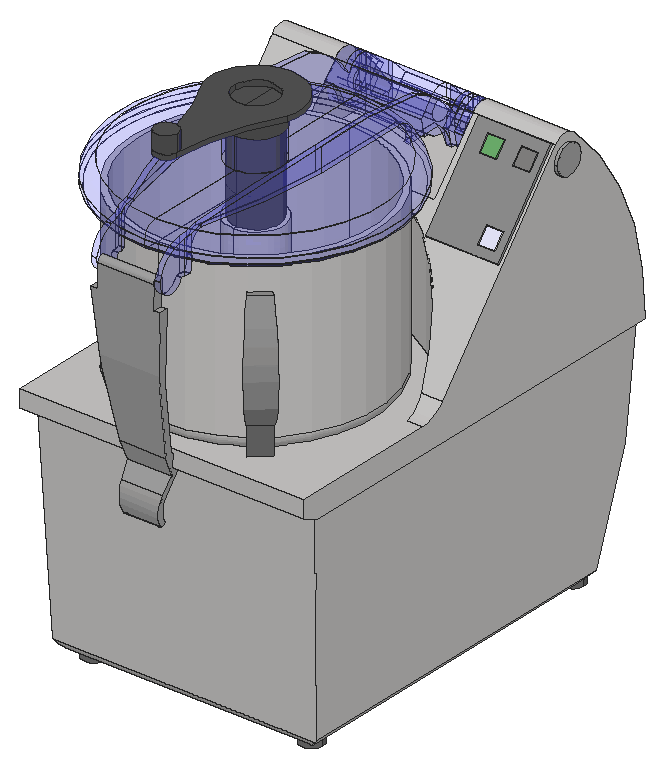
Revit family "QF_ELECTROLUXPROFESSIONAL_600510_K55YVV", category Specialty Equipment, Revit 2018
Family settings
  Round Connector Dimension = Use Diameter
  Part Type = Normal
  Work Plane-Based = No
  Always vertical = Yes
  Cut with Voids When Loaded = No
  Shared = No
  Room Calculation Point = No
Parameters (values of type "QF_ELECTROLUX_600510_K55YVV")
  Weight = 22.00 kg
  Watts = 0 W
  Volts = 200 V
  URL Manufacturer = "http://professional.electrolux.com"
  URL = "http://professional.electrolux.com"
  Steam Supply Size = 0 mm
  Steam Supply Minimum Pressure = 0.0 Pa
  Steam Supply Maximum Pressure = 0.0 Pa
  Steam Pounds per Hour = 0
  Refrigeration Suction Line Size = 0 mm
  Refrigeration Liquid Line Size = 0 mm
  Refrigerant Compressor Remote = yes
  Manufacturer = "Electrolux"
  Phase = 1
  Model = "K55YVV"
  Length Actual = 256.0 mm  # constant formula
  Item Number = "600510"
  Hot Water Size = 0 mm
  Height Actual = 482.0 mm  # constant formula
  HP = "1.7 HP"
  Gas Size = 0 mm
  Gas KW = 0
  Gas Input Pressure = 0 W
  Direct Waste Size = 0 mm
  Description = "CUTTER-MIXER 5.5L-MICROTOOTHED BLADE-VARIAB.SPEED-1300W-200-240/1/50-60"
  Depth Actual = 415.0 mm  # constant formula
  Cycle = 60 Hz
  Condensate Return Size = 0 mm
  Compressed Air Volume = 0.0 L/s
  Compressed Air Size = 0 mm
  Compressed Air Pressure = 0.0 Pa
  Cold Water Size = 0 mm
  Accessory = yes
Reference planes
  plane 1 "Center (Front/Back)": y = 0
  plane 2: z = 0
  plane 3 "Center (Left/Right)": x = 0
  plane 4 "BASE": z = 6
  plane 5 "TOP": z = 685
  plane 6 "FRONT": y = -207.5
  plane 7 "BACK": y = 207.5
  plane 8 "LEFT": x = -128
  plane 9 "RIGHT": x = 128
  plane 10 "CenterX": x = -10
  plane 11 "Maniglia": through (-10, -59.177, 4000) normal (0.766, 0.6428, 0)
  plane 12 "Panel": through (4267.2, 107.252, 388.448) normal (0, 0.766, -0.6428)
  plane 13: z = 470
Forms (mm)
  Extrusion 1, solid, material "QF_Finishes_Stainless Steel"
    sketch origin (0, 0, 0) x (0, 1, 0) y (0, 0, 1)
      loop
        arc (155.897, 6) -> (160.37, 10.596) -> (163.359, 16.27) r 22.417
        arc (163.359, 16.27) -> (192.273, 107.896) -> (201.98, 203.483) r 470.678
        line (201.98, 203.483) -> (-161.42, 203.483)
        arc (-161.42, 203.483) -> (-159.547, 108.877) -> (-151.391, 14.604) r 1423.016
        arc (-151.391, 14.604) -> (-146.603, 8.365) -> (-139.103, 6) r 13.076
        line (-139.103, 6) -> (155.897, 6)
    from -128 to 128
  Extrusion 2, void
    sketch origin (0, -207.5, 0) x (-1, 0, 0) y (0, 0, 1)
      loop
        line (128, 203.483) -> (125, 203.483) -> (119.389, 16.27) -> (109.119, 6) -> (128, 6) -> (128, 203.483)
      loop
        line (-128, 203.483) -> (-128, 6) -> (-109.119, 6) -> (-119.389, 16.27) -> (-125, 203.483) -> (-128, 203.483)
    from 14.374 to 435.947
  Extrusion 3, solid, material "QF_Finishes_Stainless Steel"
    sketch origin (0, 0, 0) x (0, 1, 0) y (0, 0, 1)
      loop
        arc (207.5, 203.483) -> (187.745, 305.45) -> (127.203, 389.844) r 242.898
        arc (127.203, 389.844) -> (116.931, 393.38) -> (107.252, 388.448) r 13.902
        line (107.252, 388.448) -> (-20.106, 236.67)
        arc (-20.106, 236.67) -> (-30.264, 228.875) -> (-42.764, 226.104) r 29.578
        line (-42.764, 226.104) -> (-177.764, 226.104) -> (-177.764, 211.104) -> (-161.42, 203.483) -> (207.5, 203.483)
    from -128 to 128
  Extrusion 4, void
    sketch origin (0, -207.5, 0) x (-1, 0, 0) y (0, 0, 1)
      loop
        line (-53.607, 393.414) -> (-53.607, 336.684) -> (71.073, 336.684) -> (71.073, 393.414) -> (-53.607, 393.414)
    from 255.469 to 415
  Revolve 5, solid, material "QF_Plastic-Black"
    sketch origin (-10, 0, 0) x (0, -1, 0) y (0, 0, 1)
      loop
        line (59.177, 450.527) -> (28.516, 450.527) -> (35.424, 443.619) -> (35.424, 430.527) -> (38.194, 430.527) -> (38.194, 356.104) -> (59.177, 356.104) -> (59.177, 450.527)
      axis (59.177, 356.104) -> (59.177, 450.527)
    angle from 0 to 360
  Extrusion 6, solid, material "QF_Plastic-Black"
    sketch origin (0, 0, 0) x (1, 0, 0) y (0, 1, 0)
      loop
        arc (-48.167, -71.147) -> (-28.951, -114.517) -> (-19.956, -161.093) r 210.055
        arc (-19.956, -161.093) -> (-10, -170.155) -> (-0.044, -161.093) r 10
        arc (-0.044, -161.093) -> (8.951, -114.517) -> (28.167, -71.147) r 210.055
        arc (28.167, -71.147) -> (-10, -19.177) -> (-48.167, -71.147) r 40
    from 450.5 to 455
  Extrusion 7, solid, material "QF_Plastic-Black"
    sketch origin (0, 0, 0) x (1, 0, 0) y (0, 1, 0)
      loop
        circle (-10, -160.155) r 10
    from 455 to 470
  Extrusion 8, void
    sketch origin (0, 0, 0) x (1, 0, 0) y (0, 1, 0)
      loop
        circle (-10, -59.177) r 19
    from 427.6 to 472.8
  Extrusion 9, void
    sketch origin (0, 0, 0) x (1, 0, 0) y (0, 1, 0)
      loop
        arc (115, -59.177) -> (-10, 65.823) -> (-135, -59.177) r 125
        line (-135, -59.177) -> (115, -59.177)
    from 226.104 to 336.684
  Extrusion 10, void
    sketch origin (-20, 0, 0) x (-1, 0, 0) y (0, -1, 0)
      loop
        line (16.15, 177.864) -> (16.15, -123.86) -> (35.771, -123.86) -> (35.771, 48.192)
        arc (35.771, 48.192) -> (30.047, 105.502) -> (17.781, 161.776) r 500.876
        line (17.781, 161.776) -> (17.781, 171.776) -> (16.15, 177.864)
      loop
        line (40.771, -123.86) -> (45.852, -123.86) -> (45.852, 210.681) -> (21.15, 210.681) -> (21.15, 178.522) -> (22.781, 172.434) -> (22.781, 162.459)
        arc (22.781, 162.459) -> (35.047, 105.893) -> (40.771, 48.297) r 505.876
        line (40.771, 48.297) -> (40.771, -123.86)
    from 350.345 to 477.521
  Extrusion 11, solid, material "Glass"
    sketch origin (-20, 0, 0) x (0, 1, 0) y (0, 0, -1)
      loop
        line (-173.064, -369.647) -> (-181.303, -369.647)
        arc (-181.303, -369.647) -> (-196.341, -361.818) -> (-205.451, -376.117) r 12.548
        arc (-205.451, -376.117) -> (-199.87, -388.651) -> (-189.058, -397.099) r 28.357
        arc (-189.058, -397.099) -> (-65.868, -423.241) -> (59.99, -418.888) r 518.061
        arc (59.99, -418.888) -> (85.116, -404.522) -> (104.437, -382.973) r 90.696
        arc (104.437, -382.973) -> (113.885, -392.821) -> (127.203, -389.844) r 13.902
        arc (127.203, -389.844) -> (135.322, -382.188) -> (143.082, -374.167) r 242.898
        line (143.082, -374.167) -> (137.378, -368.464)
        arc (137.378, -368.464) -> (123.613, -353.84) -> (104.088, -358.543) r 20
        line (104.088, -358.543) -> (99.34, -358.543)
        arc (99.34, -358.543) -> (94.194, -371.609) -> (85.823, -382.884) r 53.446
        line (85.823, -382.884) -> (50.823, -382.884)
        arc (50.823, -382.884) -> (52.796, -383.701) -> (53.614, -385.674) r 2.79
        line (53.614, -385.674) -> (53.614, -390.892)
        arc (53.614, -390.892) -> (50.154, -399.244) -> (41.802, -402.703) r 11.812
        line (41.802, -402.703) -> (-160.307, -402.703)
        arc (-160.307, -402.703) -> (-168.659, -399.244) -> (-172.119, -390.892) r 11.812
        line (-172.119, -390.892) -> (-172.119, -385.826)
        arc (-172.119, -385.826) -> (-171.728, -384.361) -> (-170.659, -383.285) r 2.942
        line (-170.659, -383.285) -> (-173.064, -369.647)
      loop
        circle (117.901, -373.007) r 9.416
    from 16.15 to 45.852
  Extrusion 12, solid, material "Glass"
    sketch origin (0, 0, 0) x (0, 1, 0) y (0, 0, 1)
      loop
        line (137.378, 368.464) -> (143.082, 374.167)
        arc (143.082, 374.167) -> (135.322, 382.188) -> (127.203, 389.844) r 242.898
        arc (127.203, 389.844) -> (116.931, 393.38) -> (107.252, 388.448) r 13.902
        line (107.252, 388.448) -> (95.766, 374.76)
        arc (95.766, 374.76) -> (97.862, 366.72) -> (99.34, 358.543) r 108.872
        line (99.34, 358.543) -> (104.088, 358.543)
        arc (104.088, 358.543) -> (123.613, 353.84) -> (137.378, 368.464) r 20
      loop
        circle (117.901, 373.007) r 9.416
    from -71.073 to 53.607
  Extrusion 13, solid, material "QF_Finishes_Gray"
    sketch origin (0, 0, 0) x (0, 1, 0) y (0, 0, 1)
      loop
        arc (-182.273, 168.111) -> (-185.377, 178.111) -> (-182.273, 188.111) r 17.658
        line (-182.273, 188.111) -> (-169.592, 207.294) -> (-177.764, 211.104) -> (-177.764, 222.201) -> (-180.378, 224.815)
        arc (-180.378, 224.815) -> (-194.973, 298.318) -> (-196.805, 373.235) r 437.299
        arc (-196.805, 373.235) -> (-201.296, 377.726) -> (-205.788, 373.235) r 4.491
        arc (-205.788, 373.235) -> (-201.07, 296.739) -> (-185.461, 221.705) r 534.528
        line (-185.461, 221.705) -> (-177.764, 203.503) -> (-186.394, 190.943)
        arc (-186.394, 190.943) -> (-190.377, 178.111) -> (-186.394, 165.28) r 22.658
        arc (-186.394, 165.28) -> (-182.917, 164.635) -> (-182.273, 168.111) r 2.5
    from -49.646 to 27.326
  Extrusion 14, void
    sketch origin (0, -207.5, 0) x (-1, 0, 0) y (0, 0, 1)
      loop
        line (-15.15, 396.938) -> (-47.326, 396.938) -> (-47.326, 161.938) -> (-5.366, 161.938) -> (-20.516, 351.652) -> (-15.15, 351.652) -> (-15.15, 396.938)
      loop
        line (26.963, 161.938) -> (77.918, 161.938) -> (77.918, 396.938) -> (35.15, 396.938) -> (35.15, 351.652) -> (42.113, 351.652) -> (26.963, 161.938)
    from 46.08 to -69.339
  Extrusion 15, solid, material "Glass"
    sketch origin (0, 0, 0) x (0, 1, 0) y (0, 0, 1)
      loop
        line (-173.064, 369.647) -> (-170.659, 383.285)
        arc (-170.659, 383.285) -> (-171.728, 384.361) -> (-172.119, 385.826) r 2.942
        line (-172.119, 385.826) -> (-172.119, 390.892)
        arc (-172.119, 390.892) -> (-168.659, 399.244) -> (-160.307, 402.703) r 11.812
        line (-160.307, 402.703) -> (41.802, 402.703)
        arc (41.802, 402.703) -> (50.154, 399.244) -> (53.614, 390.892) r 11.812
        line (53.614, 390.892) -> (53.614, 385.674)
        arc (53.614, 385.674) -> (52.796, 383.701) -> (50.823, 382.884) r 2.79
        line (50.823, 382.884) -> (85.823, 382.884)
        arc (85.823, 382.884) -> (94.194, 371.609) -> (99.34, 358.543) r 53.446
        line (99.34, 358.543) -> (104.088, 358.543)
        arc (104.088, 358.543) -> (123.613, 353.84) -> (137.378, 368.464) r 20
        line (137.378, 368.464) -> (143.082, 374.167)
        arc (143.082, 374.167) -> (135.322, 382.188) -> (127.203, 389.844) r 242.898
        arc (127.203, 389.844) -> (113.885, 392.821) -> (104.437, 382.973) r 13.902
        arc (104.437, 382.973) -> (85.116, 404.522) -> (59.99, 418.888) r 90.696
        arc (59.99, 418.888) -> (-65.868, 423.241) -> (-189.058, 397.099) r 518.061
        arc (-189.058, 397.099) -> (-199.87, 388.651) -> (-205.451, 376.117) r 28.357
        arc (-205.451, 376.117) -> (-196.341, 361.818) -> (-181.303, 369.647) r 12.548
        line (-181.303, 369.647) -> (-173.064, 369.647)
      loop
        circle (117.901, 373.007) r 9.416
    from 16.15 to 45.852
  Extrusion 16, void
    sketch origin (0, 0, 0) x (1, 0, 0) y (0, 1, 0)
      loop
        line (16.15, -177.864) -> (17.781, -171.776) -> (17.781, -161.776)
        arc (17.781, -161.776) -> (30.047, -105.502) -> (35.771, -48.192) r 500.876
        line (35.771, -48.192) -> (35.771, 123.86) -> (16.15, 123.86) -> (16.15, -177.864)
      loop
        line (40.771, 123.86) -> (40.771, -48.297)
        arc (40.771, -48.297) -> (35.047, -105.893) -> (22.781, -162.459) r 505.876
        line (22.781, -162.459) -> (22.781, -172.434) -> (21.15, -178.522) -> (21.15, -210.681) -> (45.852, -210.681) -> (45.852, 123.86) -> (40.771, 123.86)
    from 350.345 to 477.521
  Revolve 17, solid, material "Glass"
    sketch origin (-10, 0, -40) x (0, -1, 0) y (0, 0, 1)
      loop
        line (38.194, 422.884) -> (38.194, 470.527) -> (35.424, 470.527) -> (35.424, 442.703) -> (-53.802, 442.703)
        arc (-53.802, 442.703) -> (-62.213, 439.268) -> (-65.732, 430.892) r 11.871
        line (-65.732, 430.892) -> (-65.732, 425.793)
        arc (-65.732, 425.793) -> (-64.88, 423.736) -> (-62.823, 422.884) r 2.909
        line (-62.823, 422.884) -> (38.194, 422.884)
      axis (59.177, 422.884) -> (59.177, 470.527)
    angle from 0 to 360
  Revolve 18, solid, material "QF_Metal-Stainless-Polished"
    sketch origin (-10, 0, 0) x (0, -1, 0) y (0, 0, 1)
      loop
        line (169.177, 382.884) -> (164.177, 382.884) -> (164.177, 237.884)
        arc (164.177, 237.884) -> (162.191, 233.09) -> (157.397, 231.104) r 6.78
        line (157.397, 231.104) -> (84.177, 231.104) -> (84.177, 356.104) -> (79.177, 356.104) -> (79.177, 226.104) -> (157.397, 226.104)
        arc (157.397, 226.104) -> (165.726, 229.554) -> (169.177, 237.884) r 11.78
        line (169.177, 237.884) -> (169.177, 382.884)
      axis (59.177, 382.884) -> (59.177, 226.104)
    angle from 0 to 360
  Extrusion 19, solid, material "QF_Plastic-Gray-Matte"
    sketch origin (-49.423, -13.925, 0) x (0.634002, 0.773331, 0) y (-0.773331, 0.634002, 0)
      loop
        line (-55.497, -222.333) -> (-26.468, -227.794) -> (-20.635, -161.119)
        arc (-20.635, -161.119) -> (-28.727, -159.898) -> (-36.729, -158.185) r 133.529
        line (-36.729, -158.185) -> (-55.497, -222.333)
    from 226.104 to 356.104
  Revolve 20, void
    sketch origin (-35.007, -29.374, 0) x (-0.642788, 0.766044, 0) y (0, 0, 1)
      loop
        arc (-155.215, 337.579) -> (-171.344, 302.579) -> (-155.215, 267.579) r 46.04
        line (-155.215, 267.579) -> (-147.754, 267.579) -> (-147.754, 337.579) -> (-155.215, 337.579)
      loop
        line (-155.215, 356.104) -> (-147.754, 356.104) -> (-147.754, 361.761) -> (-215.215, 361.761) -> (-215.215, 226.104) -> (-147.754, 226.104) -> (-147.754, 256.485) -> (-163.93, 256.485)
        arc (-163.93, 256.485) -> (-184.453, 308.471) -> (-155.215, 356.104) r 62.537
      axis (10, 361.761) -> (10, 226.104)
    angle from -8.217 to 8.652
  Extrusion 21, solid, material "QF_Finishes_Rubber Black"
    sketch origin (0, 0, 0) x (1, 0, 0) y (0, 1, 0)
      loop
        arc (57.446, -154.071) -> (64.931, -148.135) -> (72.061, -141.775) r 165.215
        line (72.061, -141.775) -> (66.401, -136.116)
        arc (66.401, -136.116) -> (59.824, -141.977) -> (52.928, -147.46) r 157.215
        line (52.928, -147.46) -> (57.446, -154.071)
    from 226.104 to 256.485
  Extrusion 22, solid, material "QF_Plastic-Gray-Matte"
    sketch origin (0, -128.336, 107.686) x (0, 0.642788, 0.766044) y (1, 0, 0)
      loop
        line (366.07, 59.066) -> (366.07, 124.8) -> (272.743, 124.8) -> (272.743, 59.066) -> (366.07, 59.066)
      loop
        line (356.63, 102.599) -> (356.63, 117.599) -> (341.63, 117.599) -> (341.63, 102.599) -> (356.63, 102.599)
      loop
        line (295.63, 102.599) -> (295.63, 117.599) -> (280.63, 117.599) -> (280.63, 102.599) -> (295.63, 102.599)
      loop
        line (356.63, 72.599) -> (356.63, 87.599) -> (341.63, 87.599) -> (341.63, 72.599) -> (356.63, 72.599)
    from -1 to 0.6
  Extrusion 23, solid, material "QF_Finishes_Red"
    sketch origin (0, -128.336, 107.686) x (0, 0.642788, 0.766044) y (1, 0, 0)
      loop
        line (356.63, 102.599) -> (356.63, 117.599) -> (341.63, 117.599) -> (341.63, 102.599) -> (356.63, 102.599)
    from -1 to 0.6
  Extrusion 24, solid, material "QF_Finishes_Green"
    sketch origin (-27.396, -127.834, 108.284) x (0, 0.642788, 0.766044) y (1, 0, 0)
      loop
        line (355.85, 99.994) -> (355.85, 114.994) -> (340.786, 114.994) -> (340.786, 99.994) -> (355.85, 99.994)
    from -1 to 0.6
  Extrusion 25, solid, material "QF_Plastic-White-Matte"
    sketch origin (0, -167.546, 60.958) x (0, 0.642788, 0.766044) y (1, 0, 0)
      loop
        line (356.63, 102.599) -> (356.63, 117.599) -> (341.63, 117.599) -> (341.63, 102.599) -> (356.63, 102.599)
    from -1 to 0.6
  Extrusion 26, solid, material "QF_Finishes_Stainless Steel"
    sketch origin (0, 207.5, 0) x (-1, 0, 0) y (0, 0, 1)
      loop
        circle (0, 202) r 10.353
    from -6.2 to 3
  Revolve 27, solid, material "QF_Door-Drawer Clearances", detail levels coarse
    sketch origin (-10, -221.856, 479.549) x (0, 0, 1) y (0, 1, 0)
      loop
        line (59.177, 490.527) -> (28.516, 490.527) -> (35.424, 483.619) -> (35.424, 470.527) -> (38.194, 470.527) -> (38.194, 442.703) -> (59.177, 442.703) -> (59.177, 490.527)
      axis (59.177, 442.703) -> (59.177, 490.527)
    angle from 0 to 360
  Extrusion 28, solid, material "QF_Door-Drawer Clearances", detail levels coarse
    sketch origin (0, -221.856, 479.549) x (1, 0, 0) y (0, 0, -1)
      loop
        arc (-48.167, -71.147) -> (-28.951, -114.517) -> (-19.956, -161.093) r 210.055
        arc (-19.956, -161.093) -> (-10, -170.155) -> (-0.044, -161.093) r 10
        arc (-0.044, -161.093) -> (8.951, -114.517) -> (28.167, -71.147) r 210.055
        arc (28.167, -71.147) -> (-10, -19.177) -> (-48.167, -71.147) r 40
    from 490.527 to 495.013
  Extrusion 29, solid, material "QF_Door-Drawer Clearances", detail levels coarse
    sketch origin (0, -221.856, 479.549) x (1, 0, 0) y (0, 0, -1)
      loop
        circle (-10, -160.155) r 10
    from 495.013 to 510.592
  Extrusion 30, void
    sketch origin (-20, -221.856, 479.359) x (-1, 0, 0) y (0, 0, 1)
      loop
        line (16.15, 177.864) -> (16.15, -123.86) -> (35.771, -123.86) -> (35.771, 48.192)
        arc (35.771, 48.192) -> (30.047, 105.502) -> (17.781, 161.776) r 500.876
        line (17.781, 161.776) -> (17.781, 171.776) -> (16.15, 177.864)
      loop
        line (40.771, -123.86) -> (45.852, -123.86) -> (45.852, 210.681) -> (21.15, 210.681) -> (21.15, 178.522) -> (22.781, 172.434) -> (22.781, 162.459)
        arc (22.781, 162.459) -> (35.047, 105.893) -> (40.771, 48.297) r 505.876
        line (40.771, 48.297) -> (40.771, -123.86)
    from 350.345 to 477.521
  Extrusion 31, solid, material "QF_Door-Drawer Clearances", detail levels coarse
    sketch origin (-20, -221.856, 479.359) x (0, 0, -1) y (0, -1, 0)
      loop
        line (-173.064, -409.647) -> (-181.303, -409.647)
        arc (-181.303, -409.647) -> (-196.341, -401.818) -> (-205.451, -416.117) r 12.548
        arc (-205.451, -416.117) -> (-199.87, -428.651) -> (-189.058, -437.099) r 28.357
        arc (-189.058, -437.099) -> (-65.868, -463.241) -> (59.99, -458.888) r 518.061
        arc (59.99, -458.888) -> (92.246, -438.11) -> (113.023, -405.855) r 90.696
        arc (113.023, -405.855) -> (114.903, -399.662) -> (115.972, -393.28) r 50.278
        arc (115.972, -393.28) -> (121.968, -392.806) -> (127.203, -389.844) r 13.902
        arc (127.203, -389.844) -> (129.309, -387.924) -> (131.393, -385.98) r 242.898
        arc (131.393, -385.98) -> (114.739, -373.307) -> (99.238, -359.247) r 242.898
        arc (99.238, -359.247) -> (87.934, -393.903) -> (65.823, -422.884) r 108.872
        line (65.823, -422.884) -> (50.823, -422.884)
        arc (50.823, -422.884) -> (52.796, -423.701) -> (53.614, -425.674) r 2.79
        line (53.614, -425.674) -> (53.614, -430.892)
        arc (53.614, -430.892) -> (50.154, -439.244) -> (41.802, -442.703) r 11.812
        line (41.802, -442.703) -> (-160.307, -442.703)
        arc (-160.307, -442.703) -> (-168.659, -439.244) -> (-172.119, -430.892) r 11.812
        line (-172.119, -430.892) -> (-172.119, -425.826)
        arc (-172.119, -425.826) -> (-171.728, -424.361) -> (-170.659, -423.285) r 2.942
        line (-170.659, -423.285) -> (-173.064, -409.647)
    from 16.15 to 45.852
  Extrusion 32, void
    sketch origin (0, -221.856, 479.359) x (1, 0, 0) y (0, 0, -1)
      loop
        line (16.15, -177.864) -> (17.781, -171.776) -> (17.781, -161.776)
        arc (17.781, -161.776) -> (30.047, -105.502) -> (35.771, -48.192) r 500.876
        line (35.771, -48.192) -> (35.771, 123.86) -> (16.15, 123.86) -> (16.15, -177.864)
      loop
        line (40.771, 123.86) -> (40.771, -48.297)
        arc (40.771, -48.297) -> (35.047, -105.893) -> (22.781, -162.459) r 505.876
        line (22.781, -162.459) -> (22.781, -172.434) -> (21.15, -178.522) -> (21.15, -210.681) -> (45.852, -210.681) -> (45.852, 123.86) -> (40.771, 123.86)
    from 350.345 to 477.521
  Extrusion 33, solid, material "QF_Door-Drawer Clearances", detail levels coarse
    sketch origin (0, -221.856, 479.359) x (0, 0, -1) y (0, 1, 0)
      loop
        line (-173.064, 409.647) -> (-170.659, 423.285)
        arc (-170.659, 423.285) -> (-171.728, 424.361) -> (-172.119, 425.826) r 2.942
        line (-172.119, 425.826) -> (-172.119, 430.892)
        arc (-172.119, 430.892) -> (-168.659, 439.244) -> (-160.307, 442.703) r 11.812
        line (-160.307, 442.703) -> (41.802, 442.703)
        arc (41.802, 442.703) -> (50.154, 439.244) -> (53.614, 430.892) r 11.812
        line (53.614, 430.892) -> (53.614, 425.674)
        arc (53.614, 425.674) -> (52.796, 423.701) -> (50.823, 422.884) r 2.79
        line (50.823, 422.884) -> (65.823, 422.884)
        arc (65.823, 422.884) -> (87.934, 393.903) -> (99.238, 359.247) r 108.872
        arc (99.238, 359.247) -> (114.739, 373.307) -> (131.393, 385.98) r 242.898
        arc (131.393, 385.98) -> (129.309, 387.924) -> (127.203, 389.844) r 242.898
        arc (127.203, 389.844) -> (121.968, 392.806) -> (115.972, 393.28) r 13.902
        arc (115.972, 393.28) -> (114.903, 399.662) -> (113.023, 405.855) r 50.278
        arc (113.023, 405.855) -> (92.246, 438.11) -> (59.99, 458.888) r 90.696
        arc (59.99, 458.888) -> (-65.868, 463.241) -> (-189.058, 437.099) r 518.061
        arc (-189.058, 437.099) -> (-199.87, 428.651) -> (-205.451, 416.117) r 28.357
        arc (-205.451, 416.117) -> (-196.341, 401.818) -> (-181.303, 409.647) r 12.548
        line (-181.303, 409.647) -> (-173.064, 409.647)
    from 16.15 to 45.852
  Revolve 34, solid, material "QF_Door-Drawer Clearances", detail levels coarse
    sketch origin (-10, -221.856, 479.549) x (0, 0, 1) y (0, 1, 0)
      loop
        line (38.194, 422.884) -> (38.194, 470.527) -> (35.424, 470.527) -> (35.424, 442.703) -> (-53.802, 442.703)
        arc (-53.802, 442.703) -> (-62.213, 439.268) -> (-65.732, 430.892) r 11.871
        line (-65.732, 430.892) -> (-65.732, 425.793)
        arc (-65.732, 425.793) -> (-64.88, 423.736) -> (-62.823, 422.884) r 2.909
        line (-62.823, 422.884) -> (38.194, 422.884)
      axis (59.177, 422.884) -> (59.177, 470.527)
    angle from 0 to 360
  Extrusion 35, solid, material "QF_Finishes_Rubber Black"
    sketch origin (0, 0, 0) x (1, 0, 0) y (0, 1, 0)
      loop
        circle (-98.592, 163.359) r 10
      loop
        circle (-98.592, -131.641) r 10
      loop
        circle (98.592, 163.359) r 10
      loop
        circle (98.592, -131.641) r 10
    from 0 to 6
  Extrusion 36, solid, material "QF_Finishes_Gray"
    sketch origin (0, 0, 0) x (0, 1, 0) y (0, 0, 1)
      loop
        circle (117.901, 373.007) r 13.005
    from 131.516 to 128
  Extrusion 37, solid, material "QF_Finishes_Gray"
    sketch origin (0, 0, 0) x (0, 1, 0) y (0, 0, -1)
      loop
        circle (117.901, -373.007) r 13.005
    from 131.516 to 128
Cuts and joins
  Extrusion 2, Extrusion 8, Extrusion 9 cuts Extrusion 1
  Extrusion 4, Extrusion 9 cuts Extrusion 3
  Extrusion 8 cuts Extrusion 6
  Extrusion 10, Extrusion 16, Extrusion 30, Extrusion 32 cuts Extrusion 11
  Extrusion 14, Extrusion 16, Extrusion 30 cuts Extrusion 13
  Extrusion 16, Extrusion 30, Extrusion 32 cuts Extrusion 12
  Extrusion 16 cuts Extrusion 15
  Revolve 20 cuts Extrusion 19
  Extrusion 30 cuts Revolve 17
  Extrusion 30 cuts Revolve 18
  Extrusion 30, Extrusion 32 cuts Extrusion 31
  Extrusion 32 cuts Extrusion 33
Lines and regions (mm)
  symbolic lines
    curve 1: arc (-10, -172.155, 0) -> (3.999, -171.284, 0) -> (17.781, -168.686, 0) r 112.979
    curve 2: arc (-10, -184.085, 0) -> (-23.148, -183.391, 0) -> (-36.15, -181.317, 0) r 124.909
    curve 3: line (128, -157.764, 0) -> (128, 187.57, 0)
    curve 4: line (124.8, 106.204, 0) -> (59.066, 106.204, 0)
    curve 5: line (102.599, 90.494, 0) -> (117.599, 90.494, 0)
    curve 6: line (117.599, 62.151, 0) -> (102.599, 62.151, 0)
    curve 7: line (102.599, 51.284, 0) -> (117.599, 51.284, 0)
    curve 8: line (102.599, 62.151, 0) -> (102.599, 51.284, 0)
    curve 9: line (117.599, 51.284, 0) -> (117.599, 62.151, 0)
    curve 10: line (117.599, 90.494, 0) -> (117.599, 101.361, 0)
    curve 11: line (102.599, 101.361, 0) -> (102.599, 90.494, 0)
    curve 12: arc (-0.044, -161.093, 0) -> (8.951, -114.517, 0) -> (28.167, -71.147, 0) r 210.055
    curve 13: arc (28.167, -71.147, 0) -> (-10, -19.177, 0) -> (-48.167, -71.147, 0) r 40
    curve 14: arc (-48.167, -71.147, 0) -> (-28.951, -114.517, 0) -> (-19.956, -161.093, 0) r 210.055
    curve 15: arc (-19.956, -161.093, 0) -> (-10, -170.155, 0) -> (-0.044, -161.093, 0) r 10
    curve 16: arc (0, -160.155, 0) -> (-10, -150.155, 0) -> (-20, -160.155, 0) r 10
    curve 17: arc (-55.771, -48.192, 0) -> (-50.047, -105.502, 0) -> (-37.781, -161.776, 0) r 500.876
    curve 18: arc (-42.781, -162.459, 0) -> (-55.047, -105.893, 0) -> (-60.771, -48.297, 0) r 505.876
    curve 19: line (-55.771, 123.86, 0) -> (-55.771, -48.192, 0)
    curve 20: line (-60.771, -48.297, 0) -> (-60.771, 123.86, 0)
    curve 21: line (40.771, 123.86, 0) -> (40.771, -48.297, 0)
    curve 22: line (35.771, -48.192, 0) -> (35.771, 123.86, 0)
    curve 23: arc (40.771, -48.297, 0) -> (35.047, -105.893, 0) -> (22.781, -162.459, 0) r 505.876
    curve 24: arc (17.781, -161.776, 0) -> (30.047, -105.502, 0) -> (35.771, -48.192, 0) r 500.876
    curve 25: line (22.781, -162.459, 0) -> (22.781, -172.434, 0)
    curve 26: line (17.781, -171.776, 0) -> (17.781, -161.776, 0)
    curve 27: line (16.15, -177.864, 0) -> (17.781, -171.776, 0)
    curve 28: line (22.781, -172.434, 0) -> (21.15, -178.522, 0)
    curve 29: line (21.15, -178.522, 0) -> (21.15, -205.641, 0)
    curve 30: line (-37.781, -161.776, 0) -> (-37.781, -171.776, 0)
    curve 31: line (-42.781, -172.434, 0) -> (-42.781, -162.459, 0)
    curve 32: line (-41.15, -178.522, 0) -> (-42.781, -172.434, 0)
    curve 33: line (-37.781, -171.776, 0) -> (-36.15, -177.864, 0)
    curve 34: line (-41.15, -205.641, 0) -> (-41.15, -178.522, 0)
    curve 35: spline (22.008, -197.61, 0) -> (21.937, -197.617, 0) -> (21.865, -197.622, 0) -> (21.794, -197.626, 0) -> (21.722, -197.627, 0) -> (21.651, -197.627, 0) -> (21.579, -197.625, 0) -> (21.508, -197.621, 0) -> (21.436, -197.615, 0) -> (21.365, -197.608, 0) -> (21.293, -197.598, 0) -> (21.222, -197.587, 0) -> (21.15, -197.574, 0)
    curve 36: line (-71.073, 171.51, 0) -> (53.607, 171.51, 0)
    curve 37: line (59.066, 46.214, 0) -> (124.8, 46.214, 0)
    curve 38: line (59.066, 106.204, 0) -> (59.066, 46.214, 0)
    curve 39: line (124.8, 46.214, 0) -> (124.8, 107.429, 0)
    curve 40: line (53.607, 48.324, 0) -> (53.607, 171.51, 0)
    curve 41: line (-71.073, 171.51, 0) -> (-71.073, 49.783, 0)
    curve 42: arc (40.771, 54.948, 0) -> (114.476, -69.566, 0) -> (21.15, -180.138, 0) r 124.909
    curve 43: arc (-60.771, 41.751, 0) -> (-122.562, -68.863, 0) -> (-42.781, -167.295, 0) r 112.979
    curve 44: line (93.154, -162.392, 0) -> (78.293, -147.531, 0)
    curve 45: line (93.154, -162.392, 0) -> (74.048, -178.424, 0)
    curve 46: line (74.048, -178.424, 0) -> (61.96, -161.274, 0)
    curve 47: arc (-37.781, -168.686, 0) -> (-23.999, -171.284, 0) -> (-10, -172.155, 0) r 112.979
    curve 48: arc (-41.15, -180.138, 0) -> (-94.625, -151.05, 0) -> (-128, -100.142, 0) r 124.909
    curve 49: arc (22.781, -167.295, 0) -> (102.562, -68.863, 0) -> (40.771, 41.751, 0) r 112.979
    curve 50: arc (16.15, -181.317, 0) -> (3.148, -183.391, 0) -> (-10, -184.085, 0) r 124.909
    curve 51: line (16.15, -205.242, 0) -> (16.15, -177.864, 0)
    curve 52: line (-36.15, -205.641, 0) -> (-36.15, -177.864, 0)
    curve 53: line (-41.15, -205.641, 0) -> (21.15, -205.641, 0)
    curve 54: line (22.008, -205.53, 0) -> (22.008, -197.61, 0)
    curve 55: line (22.008, -205.53, 0) -> (21.15, -205.53, 0)
    curve 56: spline (-42.008, -197.61, 0) -> (-41.937, -197.617, 0) -> (-41.865, -197.622, 0) -> (-41.794, -197.626, 0) -> (-41.722, -197.627, 0) -> (-41.651, -197.627, 0) -> (-41.579, -197.625, 0) -> (-41.508, -197.621, 0) -> (-41.436, -197.615, 0) -> (-41.365, -197.608, 0) -> (-41.293, -197.598, 0) -> (-41.222, -197.587, 0) -> (-41.15, -197.574, 0)
    curve 57: line (-42.008, -205.53, 0) -> (-42.008, -197.61, 0)
    curve 58: line (-42.008, -205.53, 0) -> (-41.15, -205.53, 0)
    curve 59: arc (-128, -18.211, 0) -> (-101.973, 25.34, 0) -> (-60.771, 54.948, 0) r 124.909
    curve 60: arc (-128, -100.142, 0) -> (-134.909, -59.177, 0) -> (-128, -18.211, 0) r 124.909
    curve 61: line (-108, -177.764, 0) -> (-49.233, -177.764, 0)
    curve 62: line (-128, 187.57, 0) -> (-128, -17.764, 0)
    curve 63: line (29.233, -177.764, 0) -> (108, -177.764, 0)
    curve 64: line (-128, -97.764, 0) -> (-128, -157.764, 0)
    curve 65: line (-108, 207.57, 0) -> (108, 207.57, 0)
    curve 66: arc (-128, -157.764, 0) -> (-122.142, -171.906, 0) -> (-108, -177.764, 0) r 20
    curve 67: arc (108, -177.764, 0) -> (122.142, -171.906, 0) -> (128, -157.764, 0) r 20
    curve 68: arc (128, 187.57, 0) -> (122.142, 201.713, 0) -> (108, 207.57, 0) r 20
    curve 69: arc (-108, 207.57, 0) -> (-122.142, 201.713, 0) -> (-128, 187.57, 0) r 20
    curve 70: line (45.852, 123.86, 0) -> (-71.073, 123.86, 0)
    curve 71: line (45.852, 137.378, 0) -> (-65.852, 137.378, 0)
    curve 72: line (45.852, 143.082, 0) -> (-65.852, 143.082, 0)
    curve 73: line (53.607, 123.86, 0) -> (45.852, 123.86, 0)
    curve 74: line (45.852, 123.86, 0) -> (45.852, 170.216, 0)
    curve 75: line (45.852, 170.216, 0) -> (-65.852, 170.216, 0)
    curve 76: line (-65.852, 170.216, 0) -> (-65.852, 123.86, 0)
    curve 77: line (102.599, 101.361, 0) -> (117.599, 101.361, 0)
    curve 78: line (72.599, 90.494, 0) -> (87.599, 90.494, 0)
    curve 79: line (87.599, 90.494, 0) -> (87.599, 101.361, 0)
    curve 80: line (72.599, 101.361, 0) -> (72.599, 90.494, 0)
    curve 81: line (72.599, 101.361, 0) -> (87.599, 101.361, 0)
Dimensions and locks
  plane 4 "BASE" to level = 6.0 mm
  plane 5 "TOP" to level = 685.0 mm  (x2)
  plane 8 "LEFT" to plane 3 "Center (Left/Right)" to plane 9 "RIGHT" = 128.0 mm, 128.0 mm
  plane 7 "BACK" to plane 1 "Center (Front/Back)" to plane 6 "FRONT" = 207.5 mm, 207.5 mm
  plane 7 "BACK" to plane 6 "FRONT" = 415.0 mm
  plane 8 "LEFT" to plane 9 "RIGHT" = 256.0 mm
  plane 10 "CenterX" to plane 3 "Center (Left/Right)" = 10.0 mm
  plane 13 to level = 470.0 mm
  aligned and locked: level to plane 2
  aligned and locked: Extrusion 22 sketch curve to Extrusion 23
Connectors
  electrical at (0, 210.5, 202)
    settings: on Extrusion 26, index 1, voltage 0 V, apparent load 0 VA, apparent load phase1 0 VA, apparent load phase2 0 VA, apparent load phase3 0 VA, power factor 1, load classification "Other", number of poles 1, system type 30, power factor state 1, is connector primary yes, connector utility no, sub classification motor no, connector description "Electrical connection"
